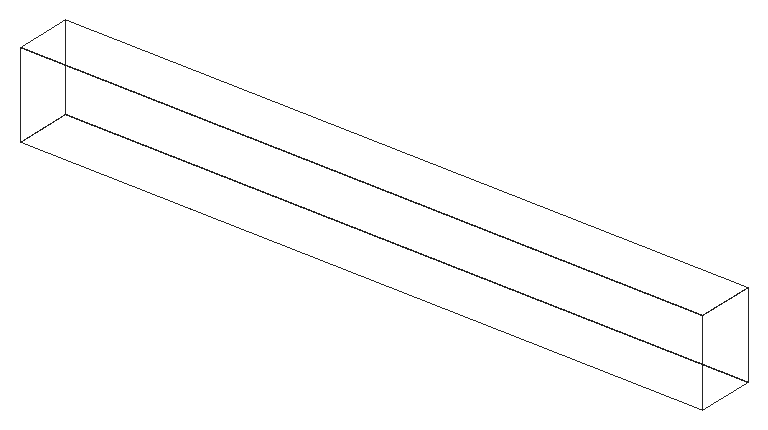
Revit family "BEAM CLEARANCE - Beam Clearance Family", category Structural Framing, Revit 2016
Family settings
  Section Shape = Not Defined
  Material for Model Behavior = Other
  Always export as geometry = No
  OmniClass Number = 23.25.30.11.14.14
  OmniClass Title = Beams
  Always vertical = Yes
  Cut with Voids When Loaded = No
  Symbolic Representation = From Family
  Shared = No
  Show family pre-cut in plan views = Yes
Parameters
  Length [instance] = 10' - 0"
  Clearance Thickness [instance] = 0' - 2"
  Beam Width [instance] = 0' - 4"
  Beam Height [instance] = 0' - 10"
Reference planes (in)
  plane 1 "Center (Front/Back)": y = 0
  plane 2 "Center El.": z = 0
  plane 3 "Center (Left/Right)": x = 0
  plane 4 "Left": x = -60
  plane 5 "Member Left": x = -48
  plane 6 "Stick Symbol Left": x = -36
  plane 7 "Right": x = 60
  plane 8 "Member Right": x = 48
  plane 9 "Stick Symbol Right": x = 36
  plane 10: y = 4
  plane 11: y = -4
  plane 12: z = 6
  plane 13: z = -6
  plane 14: y = -2
  plane 15: z = -4
  plane 16: y = 2
Forms (in)
  Extrusion 1, solid, material "Beam Clearance Material", detail levels medium+fine
    sketch origin (0, 0, 0) x (0, 1, 0) y (0, 0, 1)
      loop
        line (4, 6) -> (-4, 6) -> (-4, -6) -> (4, -6) -> (4, 6)
    from -48 to 48
Lines and regions (in)
  model lines, style "Stick Symbols", detail levels coarse
    curve 1: line (-36, 0, 0) -> (36, 0, 0)
Dimensions and locks (in)
  equal spacing: plane 4 "Left", plane 3 "Center (Left/Right)", plane 7 "Right"
  "Length": plane 4 "Left" to plane 7 "Right"
  "Clearance Thickness": plane 14 to plane 11
  "Clearance Thickness": plane 10 to plane 16
  "Clearance Thickness": plane 13 to plane 15
  equal spacing: plane 16, plane 1 "Center (Front/Back)", plane 14
  "Beam Width": plane 16 to plane 14
  "Beam Height": plane 15 to plane 12
  aligned and locked: plane 10 to Extrusion 1 sketch curve
  aligned and locked: Extrusion 1 sketch curve to plane 12
  aligned and locked: plane 13 to Extrusion 1 sketch curve
  aligned and locked: Extrusion 1 sketch curve to plane 11
  aligned and locked: plane 5 "Member Left" to Extrusion 1
  aligned and locked: Extrusion 1 to plane 8 "Member Right"
  aligned and locked: plane 1 "Center (Front/Back)" to curve 1
  aligned and locked: plane 6 "Stick Symbol Left" to curve 1
  aligned and locked: plane 9 "Stick Symbol Right" to curve 1
  aligned and locked: level to plane 2 "Center El."
